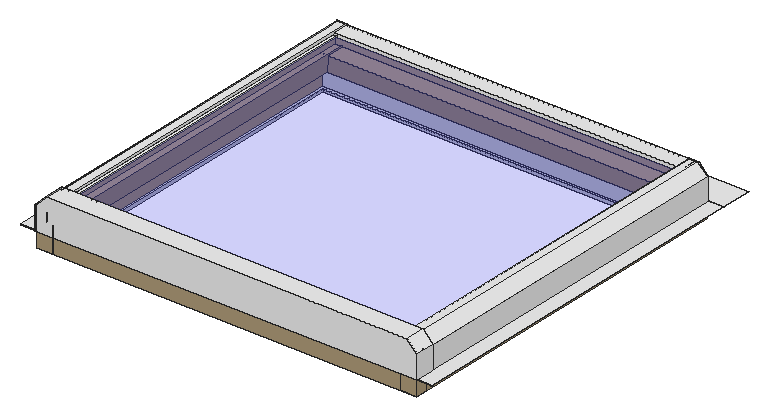
Revit family "Skylight_Fakro_FVE", category Generic Models, host Roof, Revit 2026
Family settings
  Host = Roof
  Can host rebar = No
  Round Connector Dimension = Use Diameter
  Part Type = Normal
  Classification Number = 23.30.30.14
  Always vertical = No
  Cut with Voids When Loaded = No
  Maintain Annotation Orientation = No
  Shared = No
  Room Calculation Point = No
Parameters (values of type "48x46")
  Warranty Duration (Years) = 0
  Upper Apron Length = Unit Width - 60 mm  # 1172 mm
  Unit Width = 1232 mm
  Unit Height = 1178 mm
  URL = "http://www.fakrousa.com/"
  Type Comments = ""
  Test Data = ""
  Specification = ""
  SpecWizard = ""
  Side Apron Length = Unit Height - 28 mm  # 1150 mm
  Sash Width = Unit Width - 82 mm  # 1150 mm
  Sash Length = Unit Height - 2 mm * 39.5  # 1099 mm
  Sales Information = "http://www.fakrousa.com/our-dealers/"
  Roof Angle [instance] = 45.00°
  Screen Height = Unit Height - 125.5 mm  # 1052.5 mm
  Screen Width = Unit Width - 104 mm  # 1128 mm
  Revision = "R1_2016-01"
  Product Properties = ""
  Product Data = "http://www.fakrousa.com/our-products/offer/skylights/fve/"
  Model = "FVE"
  Mechanism Height = 90 mm
  Manufacturer Website = "http://www.fakrousa.com/"
  Manufacturer Phone - Toll Free = ""
  Manufacturer Phone = "630-543-1010"
  Manufacturer Fax = "630-543-1011"
  Manufacturer Address = "\"39 W. Factory Rd., Addison, IL 60101\""
  Manufacturer = "Fakro USA"
  Maintenance Schedule (Months) = 0
  Keynote = "08 62 00"
  Installation-Fabrication = ""
  Installation Phase = ""
  Green Building-LEED = ""
  Expected Lifespan (Years) = 0
  Drawn By = ""
  Description = "Fakro FVE Skylight - 48x46"
  Default Elevation = 0 mm
  Cost = 0
  Copyright = "\"ï¿½ 2015 ARCAT, Inc.\""
  Construction Details = ""
  Building Codes = ""
  Blend Length = Unit Width - 104 mm  # 1128 mm
  Assembly Code = "B3020110"
Types (10, lengths in mm): name | Upper Apron Length | Unit Width | Unit Height | Side Apron Length | Sash Width | Sash Length | Screen Height | Screen Width | Description | Blend Length
  48x46 | 1172 | 1232 | 1178 | 1150 | 1150 | 1099 | 1052.5 | 1128 | "Fakro FVE Skylight - 48x46" | 1128
  48x27 | 1172 | 1232 | 699 | 671 | 1150 | 620 | 573.5 | 1128 | "Fakro FVE Skylight - 48x27" | 1128
  32x55 | 766 | 826 | 1397 | 1369 | 744 | 1318 | 1271.5 | 722 | "Fakro FVE Skylight - 32x55" | 722
  32x46 | 766 | 826 | 1178 | 1150 | 744 | 1099 | 1052.5 | 722 | "Fakro FVE Skylight - 32x46" | 722
  32x38 | 766 | 826 | 978 | 950 | 744 | 899 | 852.5 | 722 | "Fakro FVE Skylight - 32x38" | 722
  24x70 | 563 | 623 | 1797 | 1769 | 541 | 1718 | 1671.5 | 519 | "Fakro FVE Skylight - 24x70" | 519
  24x55 | 563 | 623 | 1397 | 1369 | 541 | 1318 | 1271.5 | 519 | "Fakro FVE Skylight - 24x55" | 519
  24x46 | 563 | 623 | 1178 | 1150 | 541 | 1099 | 1052.5 | 519 | "Fakro FVE Skylight - 24x46" | 519
  24x38 | 563 | 623 | 978 | 950 | 541 | 899 | 852.5 | 519 | "Fakro FVE Skylight - 24x38" | 519
  24x27 | 563 | 623 | 699 | 671 | 541 | 620 | 573.5 | 519 | "Fakro FVE Skylight - 24x27" | 519
Reference planes
  plane 1 "Środek (Przód/Tył)": y = 0
  plane 2 "Dach": z = 4000
  plane 3 "Środek (Lewa/Prawa)": x = 0
  plane 4: x = -616
  plane 5: x = 616
  plane 6: y = 589
  plane 7: y = -589
  plane 8: z = 4200
  plane 9: x = -45
  plane 10: x = 45
Forms (mm)
  Extrusion 1, void
    sketch origin (0, 0, 4000) x (1, 0, 0) y (0, 1, 0)
      loop
        line (-616, 589) -> (-616, -589) -> (616, -589) -> (616, 589) -> (-616, 589)
    from 200 to 300
  Extrusion 2, void
    sketch origin (0, 0, 0) x (0, 1, 0) y (0, 0, 1)
      loop
        line (789, 4000) -> (589, 4200) -> (-589, 4200) -> (-789, 4000) -> (789, 4000)
    from -616 to 616
  Sweep 3, solid, material "Sosna, zwyczajna"
    path origin (0, 0, 4000) x (1, 0, 0) y (0, 1, 0)
      loop
        line (-616, 589) -> (-616, -589)
    profile origin (-616, 0, 4000) x (1, 0, 0) y (0, 0, 1)
      loop
        line (33, 338) -> (33, 368.5) -> (24, 368.5) -> (0, 366.5) -> (0, 250.5) -> (52, 250.5) -> (52, 338) -> (33, 338)
  Sweep 4, solid, material "Sosna, zwyczajna"
    path origin (0, 0, 4000) x (-1, 0, 0) y (0, 1, 0)
      loop
        line (-616, 589) -> (-616, -589)
    profile origin (616, 0, 4000) x (1, 0, 0) y (0, 0, 1)
      loop
        line (-33, 338) -> (-52, 338) -> (-52, 250.5) -> (0, 250.5) -> (0, 366.5) -> (-24, 368.5) -> (-33, 368.5) -> (-33, 338)
  Sweep 5, solid, material "Sosna, zwyczajna"
    path origin (0, 0, 4000) x (1, 0, 0) y (0, 1, 0)
      loop
        line (-616, -589) -> (616, -589)
    profile origin (0, -589, 4000) x (0, 1, 0) y (0, 0, 1)
      loop
        line (0, 300) -> (0, 250.5) -> (39.5, 250.5) -> (39.5, 368.5) -> (28, 368.5) -> (28, 407.5) -> (0, 407.5) -> (0, 300)
  Sweep 6, solid, material "Sosna, zwyczajna"
    path origin (0, 0, 4000) x (1, 0, 0) y (0, 1, 0)
      loop
        line (-616, 589) -> (616, 589)
    profile origin (0, 589, 4000) x (0, 1, 0) y (0, 0, 1)
      loop
        line (0, 300) -> (0, 328) -> (-15.302, 328) -> (-15.302, 338) -> (-24.302, 338) -> (-39.5, 332) -> (-39.5, 250.5) -> (0, 250.5) -> (0, 300)
  Sweep 7, solid, material "Aluminium"
    path origin (0, 0, 4000) x (1, 0, 0) y (0, 1, 0)
      loop
        line (-583, 573.698) -> (583, 573.698)
    profile origin (0, 573.698, 4000) x (0, 1, 0) y (0, 0, 1)
      loop
        line (0, 328) -> (15.302, 328) -> (15.302, 300) -> (17.302, 300) -> (17.302, 330) -> (0, 330) -> (0, 328)
  Extrusion 8, void
    sketch origin (0, 0, 0) x (1, 0, 0) y (0, 0, 1)
      loop
        line (586, 4407.5) -> (616, 4377.5) -> (616, 4407.5) -> (586, 4407.5)
    from -846.219 to 1450.791
  Extrusion 9, void
    sketch origin (0, 0, 0) x (-1, 0, 0) y (0, 0, -1)
      loop
        line (586, -4407.5) -> (616, -4407.5) -> (616, -4377.5) -> (586, -4407.5)
    from -789.934 to 1489.069
  Extrusion 10, solid, material "Aluminium"
    sketch origin (0, 0, 4000) x (1, 0, 0) y (0, 1, 0)
      loop
        line (-618, 593) -> (-668, 593) -> (-668, -591) -> (-618, -591) -> (-618, 593)
    from 300 to 302
  Extrusion 11, solid, material "Aluminium"
    sketch origin (0, 0, 4000) x (-1, 0, 0) y (0, -1, 0)
      loop
        line (-618, -593) -> (-618, 591) -> (-668, 591) -> (-668, -593) -> (-618, -593)
    from 300 to 302
  Extrusion 12, solid, material "Aluminium"
    sketch origin (0, 0, 4000) x (1, 0, 0) y (0, 1, 0)
      loop
        line (-668, 593) -> (668, 593) -> (668, 693) -> (-668, 693) -> (-668, 593)
    from 300 to 302
Cuts and joins
  Extrusion 8, Extrusion 9 cuts Sweep 5
Lines and regions (mm)
  reference lines
    curve 1: line (0, 589, 4200) -> (0, 857.701, 3931.299)
    curve 2: line (0, -589, 4200) -> (0, -900.127, 3888.873)
    curve 3: line (0, -549.5, 4300) -> (0, 0, 4300)
Dimensions and locks
  equal spacing: host sketch curve, plane 3 "Środek (Lewa/Prawa)", host sketch curve
  equal spacing: host sketch curve, plane 1 "Środek (Przód/Tył)", host sketch curve
  equal spacing: plane 4, plane 3 "Środek (Lewa/Prawa)", plane 5
  "Unit Width": plane 4 to plane 5
  equal spacing: plane 6, plane 1 "Środek (Przód/Tył)", plane 7
  "Unit Height": plane 6 to plane 7
  locked: host roof to plane 8 at 100
  locked: host roof to Sweep 6 at 49.5
  equal spacing: plane 9, plane 3 "Środek (Lewa/Prawa)", plane 10
  "Mechanism Height": plane 9 to plane 10
  locked: Extrusion 8 sketch curve to Extrusion 8 sketch curve at 30  (x2)
  locked: Extrusion 9 sketch curve to Extrusion 9 sketch curve at 30  (x2)
  locked: Extrusion 10 to host roof at 2
  locked: host roof to Extrusion 11 at 2
  locked: Extrusion 10 sketch curve to Extrusion 10 sketch curve at 50
  locked: Extrusion 11 sketch curve to Extrusion 11 sketch curve at 50
  locked: Extrusion 12 sketch curve to Extrusion 12 sketch curve at 100
  locked: Extrusion 12 to host roof at 2
  "Roof Angle": angle plane 7 to curve 2
  "Roof Angle": angle plane 8 to curve 1
  aligned and locked: level to plane 2 "Dach"
  aligned and locked: plane 6 to curve 1
  aligned and locked: plane 8 to curve 1
  aligned and locked: plane 8 to curve 2
  aligned and locked: plane 7 to curve 2
  aligned and locked: Extrusion 1 sketch curve to plane 6
  aligned and locked: plane 4 to Extrusion 1 sketch curve
  aligned and locked: plane 7 to Extrusion 1 sketch curve
  aligned and locked: Extrusion 1 sketch curve to plane 5
  aligned and locked: Extrusion 1 to plane 8
  aligned and locked: host roof to Extrusion 1
  aligned and locked: host roof to Extrusion 2 sketch curve
  aligned and locked: Extrusion 2 sketch curve to plane 8
  aligned and locked: Extrusion 2 sketch curve to curve 1
  aligned and locked: Extrusion 2 sketch curve to curve 2
  aligned and locked: plane 5 to Extrusion 2
  aligned and locked: Extrusion 2 to plane 4
  aligned and locked: plane 4 to Sweep 3 sketch curve
  aligned and locked: plane 7 to Sweep 5 sketch curve
  aligned and locked: Sweep 5 sketch curve to Sweep 3  (x2)
  aligned and locked: Sweep 6 sketch curve to plane 6
  aligned and locked: plane 6 to Sweep 6 sketch curve
  aligned and locked: Sweep 6 sketch curve to Sweep 3
  aligned and locked: nested 1 to Sweep 5
  aligned and locked: nested 1 to host roof
  aligned and locked: plane 4 to nested 1
  aligned and locked: Sweep 3 to Sweep 6
  aligned and locked: Sweep 4 to Sweep 6
  aligned and locked: Sweep 6 to Sweep 5
  aligned and locked: Sweep 7 to host roof
  aligned and locked: host roof to nested 2
  aligned and locked: plane 5 to nested 2
  aligned and locked: nested 2 to Sweep 5
  aligned and locked: nested 3 to Sweep 6
  aligned and locked: nested 4 to Sweep 5
  aligned and locked: plane 5 to Extrusion 8 sketch curve
  aligned and locked: Extrusion 8 sketch curve to Sweep 5
  aligned and locked: cut or joined group of Sweep 5, Extrusion 8, Extrusion 9 to curve 3
  aligned and locked: host roof to curve 3
  aligned and locked: Extrusion 9 sketch curve to cut or joined group of Sweep 5, Extrusion 8, Extrusion 9
  aligned and locked: plane 4 to Extrusion 9 sketch curve
  aligned and locked: plane 1 "Środek (Przód/Tył)" to nested 5
  aligned and locked: nested 4 to host roof
  aligned and locked: nested 5 to nested 3
  aligned and locked: plane 3 "Środek (Lewa/Prawa)" to nested 5
  aligned and locked: nested 3 to nested 5  (x3)
  aligned and locked: Extrusion 10 to host roof
  aligned and locked: Extrusion 11 to host roof
  aligned and locked: Extrusion 11 to nested 2
  aligned and locked: Extrusion 10 to nested 1
  aligned and locked: Extrusion 12 sketch curve to Extrusion 10
  aligned and locked: Extrusion 11 to Extrusion 12 sketch curve
  aligned and locked: Extrusion 12 to host roof
  aligned and locked: plane 3 "Środek (Lewa/Prawa)" to nested 6
  aligned and locked: Sweep 6 to nested 6
  aligned and locked: nested 6 to Sweep 6
  aligned and locked: nested 7 to nested 6
  aligned and locked: Sweep 3 to nested 7
Automatic sketch dimensions
  Sweep 3 sketch curve to plane 4 = 0 mm
  Sweep 3 sketch curve to plane 7 = 0 mm
  Sweep 3 sketch curve to plane 6 = 0 mm
  Sweep 3 sketch curve to profile plane = 24 mm
  Sweep 3 sketch curve to Sweep 3 sketch curve = 9 mm
  Sweep 3 sketch curve to Sweep 3 sketch curve = 52 mm
  level to Sweep 3 sketch curve = 250.5 mm
  Sweep 3 sketch curve to Sweep 3 sketch curve = 87.5 mm
  Sweep 3 sketch curve to Sweep 3 sketch curve = 28.5 mm
  Sweep 3 sketch curve to Sweep 3 sketch curve = 30.5 mm
  Sweep 4 sketch curve to plane 5 = 0 mm
  Sweep 4 sketch curve to plane 7 = 0 mm
  Sweep 4 sketch curve to plane 6 = 0 mm
  profile plane to Sweep 4 sketch curve = 0 mm
  profile plane to Sweep 4 sketch curve = 24 mm
  Sweep 4 sketch curve to Sweep 4 sketch curve = 9 mm
  Sweep 4 sketch curve to Sweep 4 sketch curve = 52 mm
  level to Sweep 4 sketch curve = 250.5 mm
  Sweep 4 sketch curve to Sweep 4 sketch curve = 87.5 mm
  Sweep 4 sketch curve to Sweep 4 sketch curve = 28.5 mm
  Sweep 4 sketch curve to Sweep 4 sketch curve = 30.5 mm
  Sweep 5 sketch curve to plane 4 = 0 mm
  Sweep 5 sketch curve to plane 5 = 0 mm
  Sweep 5 sketch curve to plane 7 = 0 mm
  Sweep 5 sketch curve to profile plane = 28 mm
  Sweep 5 sketch curve to profile plane = 39.5 mm
  Sweep 5 sketch curve to Sweep 5 sketch curve = 49.5 mm
  Sweep 5 sketch curve to Sweep 5 sketch curve = 39 mm
  Sweep 6 sketch curve to plane 4 = 0 mm
  Sweep 6 sketch curve to plane 5 = 0 mm
  profile plane to Sweep 6 sketch curve = 15.302 mm
  Sweep 6 sketch curve to Sweep 6 sketch curve = 9 mm
  Sweep 6 sketch curve to Sweep 6 sketch curve = 15.198 mm
  Sweep 6 sketch curve to Sweep 6 sketch curve = 49.5 mm
  Sweep 6 sketch curve to Sweep 6 sketch curve = 28 mm
  Sweep 6 sketch curve to Sweep 6 sketch curve = 4 mm
  Sweep 6 sketch curve to Sweep 6 sketch curve = 10 mm
  Sweep 7 sketch curve to plane 6 = 15.302 mm
  plane 4 to Sweep 7 sketch curve = 33 mm
  Sweep 7 sketch curve to plane 5 = 33 mm
  Sweep 7 sketch curve to profile plane = 0 mm
  Sweep 7 sketch curve to profile plane = 15.302 mm
  Sweep 7 sketch curve to Sweep 7 sketch curve = 2 mm  (x2)
  level to Sweep 7 sketch curve = 300 mm
  Sweep 7 sketch curve to Sweep 7 sketch curve = 28 mm
  Extrusion 10 sketch curve to plane 4 = 2 mm
  Extrusion 10 sketch curve to plane 7 = 2 mm
  plane 6 to Extrusion 10 sketch curve = 4 mm
  Extrusion 11 sketch curve to plane 5 = 2 mm
  plane 7 to Extrusion 11 sketch curve = 2 mm
  Extrusion 11 sketch curve to plane 6 = 4 mm
  Extrusion 12 sketch curve to plane 4 = 52 mm
  curve 3 to plane 1 "Środek (Przód/Tył)" = 0 mm
  plane 7 to curve 3 = 39.5 mm
  plane 8 to curve 3 = 100 mm
Nested families
  nested 1: "side apron" at (-616, 159, 4300) x (0, 1, 0) z (0, 0, 1), type "side apron"
    with Side apron width 1150 mm
  nested 2: "side apron" at (616, 159, 4300) x (0, 1, 0) z (0, 0, 1), type "side apron"
    with Side apron width 1150 mm
  nested 3: "mechanism" at (0, 539.5, 4302), type "mechanism"
    with mechanism width 200 mm, Mechanism height 42 mm
  nested 4: "Hood" at (0, -589, 4300) x (-1, 0, 0) z (0, 0, 1), type "Hood"
    with Upper apron width 1172 mm
  nested 5: "Sash" at (0, 0, 4300), type "Sash"
    with width 1150 mm, Side apron lenght skrzydło 1140.5 mm, Mechanism width 200 mm, Lenght 1099 mm
  nested 6: "Blende" at (0, 549.5, 4250.5), type "Blende"
    with blende lenght 1128 mm
  nested 7: "Mosquito net" at (0, -57.5, 4250.5), type "Mosquito net"
    with dsa 56.4 mm, asd 52.625 mm, Moskitiera width 1128 mm, Moskitiera height 1052.5 mm
Definition of nested family "side apron"
  Parameters (values of type "side apron")
    Side apron width = 1440 mm
    Default Elevation = 0 mm
  Reference planes
    plane 1 "Środek (Przód/Tył)": y = 0
    plane 2: z = 0
    plane 3 "Środek (Lewa/Prawa)": x = 0
    plane 4: x = -720
    plane 5: x = 720
  Forms (mm)
    Sweep 1, solid
      path origin (0, 0, 0) x (1, 0, 0) y (0, 1, 0)
        loop
          line (-720, 0) -> (720, 0)
      profile origin (0, 0, 0) x (0, 1, 0) y (0, 0, 1)
        loop
          line (0, 0) -> (2, 0) -> (2, 70.5) -> (-31, 70.5) -> (-31, 88.5) -> (-33, 88.5) -> (-33, 68.5) -> (0, 68.5) -> (0, 0)
    Extrusion 2, solid
      sketch origin (0, 0, 0) x (0, 1, 0) y (0, 0, 1)
        loop
          line (-33, 70.5) -> (-33, 0) -> (2, 0) -> (2, 70.5) -> (-33, 70.5)
      from 720 to 722
  Cuts and joins
    joined: Sweep 1, Extrusion 2
  Dimensions and locks
    "Side apron width": plane 4 to plane 5
    locked: Extrusion 2 to plane 5 at 2
    aligned and locked: level to plane 2
    aligned and locked: Extrusion 2 sketch curve to Sweep 1  (x4)
    aligned and locked: Sweep 1 to Extrusion 2
  Automatic sketch dimensions
    plane 1 "Środek (Przód/Tył)" to Sweep 1 sketch curve = 0 mm
    Sweep 1 sketch curve to plane 4 = 0 mm
    Sweep 1 sketch curve to plane 5 = 0 mm
    Sweep 1 sketch curve to level = 0 mm
    Sweep 1 sketch curve to profile plane = 0 mm
    profile plane to Sweep 1 sketch curve = 31 mm
    Sweep 1 sketch curve to Sweep 1 sketch curve = 2 mm  (x2)
    Sweep 1 sketch curve to profile plane = 2 mm
    Sweep 1 sketch curve to Sweep 1 sketch curve = 68.5 mm
    Sweep 1 sketch curve to Sweep 1 sketch curve = 18 mm
Definition of nested family "mechanism"
  Parameters (values of type "mechanism")
    mechanism width = 90 mm
    mechanism lenght = 20 mm
    Mechanism height = 37.5 mm
    Default Elevation = 0 mm
  Reference planes
    plane 1 "Środek (Przód/Tył)": y = 0
    plane 2: z = 0
    plane 3 "Środek (Lewa/Prawa)": x = 0
    plane 4: x = -45
    plane 5: x = 45
    plane 6: y = 10
    plane 7: y = -10
    plane 8: z = 37.5
    plane 9: z = -15
  Forms (mm)
    Extrusion 1, solid
      sketch origin (0, 0, 0) x (1, 0, 0) y (0, 1, 0)
        loop
          line (-45, 10) -> (-45, -10) -> (45, -10) -> (45, 10) -> (-45, 10)
      from 0 to 37.5
    Sweep 2, solid
      path origin (0, 0, 0) x (0, 1, 0) y (0, 0, 1)
        loop
          line (-10, 0) -> (-10, -15)
      profile origin (0, -10, -7.5) x (1, 0, 0) y (0, 1, 0)
        loop
          circle (0, 10) r 10
        loop
          circle (0, 10) r 7
  Dimensions and locks
    equal spacing: plane 4, plane 3 "Środek (Lewa/Prawa)", plane 5
    equal spacing: plane 6, plane 1 "Środek (Przód/Tył)", plane 7
    "mechanism width": plane 4 to plane 5
    "mechanism lenght": plane 6 to plane 7
    "Mechanism height": plane 8 to level
    level to plane 9 = 15 mm
    aligned and locked: level to plane 2
    aligned and locked: Extrusion 1 sketch curve to plane 6
    aligned and locked: plane 4 to Extrusion 1 sketch curve
    aligned and locked: plane 7 to Extrusion 1 sketch curve
    aligned and locked: Extrusion 1 sketch curve to plane 5
    aligned and locked: Extrusion 1 to level
    aligned and locked: plane 8 to Extrusion 1
  Automatic sketch dimensions
    Sweep 2 sketch curve to plane 7 = 0 mm
    Sweep 2 sketch curve to plane 9 = 0 mm
    Sweep 2 sketch curve to level = 0 mm
    Sweep 2 sketch curve to plane 3 "Środek (Lewa/Prawa)" = 0 mm
    Sweep 2 sketch curve to profile plane = 10 mm
    radius of Sweep 2 sketch curve = 10 mm
Definition of nested family "Hood"
  Parameters (values of type "Rodzina5")
    Upper apron width = 1200 mm
    Default Elevation = 0 mm
  Reference planes
    plane 1 "Środek (Przód/Tył)": y = 0
    plane 2: z = 0
    plane 3 "Środek (Lewa/Prawa)": x = 0
    plane 4: x = -600
    plane 5: x = 600
  Forms (mm)
    Sweep 1, solid
      path origin (0, 0, 0) x (1, 0, 0) y (0, 1, 0)
        loop
          line (-600, 0) -> (600, 0)
      profile origin (0, 0, 0) x (0, 1, 0) y (0, 0, 1)
        loop
          line (0, 0) -> (2, 0) -> (2, 109.5) -> (-62.5, 109.5) -> (-62.5, 103.5) -> (-58.5, 103.5) -> (-58.5, 105.5) -> (-60.5, 105.5) -> (-60.5, 107.5) -> (0, 107.5) -> (0, 0)
    Extrusion 2, solid
      sketch origin (0, 0, 0) x (1, 0, 0) y (0, 0, 1)
        loop
          line (-600, 109.5) -> (-634, 75.5) -> (-634, 0) -> (-632, 0) -> (-632, 75.5) -> (-600, 107.5) -> (-600, 109.5)
      from -2 to 62.5
    Extrusion 3, solid
      sketch origin (0, 0, 0) x (1, 0, 0) y (0, 0, 1)
        loop
          line (-600, 107.5) -> (-632, 77.5) -> (-632, 0) -> (-600, 0) -> (-600, 107.5)
      from -2 to 0
    Extrusion 4, solid
      sketch origin (0, 0, 0) x (-1, 0, 0) y (0, 0, -1)
        loop
          line (-600, -109.5) -> (-600, -107.5) -> (-632, -75.5) -> (-632, 0) -> (-634, 0) -> (-634, -75.5) -> (-600, -109.5)
      from -2 to 62.5
    Extrusion 5, solid
      sketch origin (0, 0, 0) x (-1, 0, 0) y (0, 0, -1)
        loop
          line (-600, -107.5) -> (-600, 0) -> (-632, 0) -> (-632, -77.5) -> (-600, -107.5)
      from -2 to 0
  Cuts and joins
    joined: Sweep 1, Extrusion 2, Extrusion 3, Extrusion 4, Extrusion 5
  Dimensions and locks
    equal spacing: plane 4, plane 3 "Środek (Lewa/Prawa)", plane 5
    "Upper apron width": plane 4 to plane 5
    aligned and locked: level to plane 2
    aligned and locked: Sweep 1 to Extrusion 2
    aligned and locked: Extrusion 2 to Sweep 1
    aligned and locked: Extrusion 3 to Sweep 1
    aligned and locked: Extrusion 3 sketch curve to plane 4
    aligned and locked: level to Extrusion 3 sketch curve
    aligned and locked: Extrusion 4 sketch curve to plane 5
    aligned and locked: plane 5 to Extrusion 5 sketch curve
    aligned and locked: level to Extrusion 5 sketch curve
    aligned and locked: Extrusion 3 sketch curve to cut or joined group of Sweep 1, Extrusion 2, Extrusion 3, Extrusion 4, Extrusion 5
    aligned and locked: Extrusion 5 sketch curve to cut or joined group of Sweep 1, Extrusion 2, Extrusion 3, Extrusion 4, Extrusion 5
    aligned and locked: cut or joined group of Sweep 1, Extrusion 2, Extrusion 3, Extrusion 4, Extrusion 5 to cut or joined group of Sweep 1, Extrusion 2, Extrusion 3, Extrusion 4, Extrusion 5
  Automatic sketch dimensions
    plane 1 "Środek (Przód/Tył)" to Sweep 1 sketch curve = 0 mm
    Sweep 1 sketch curve to plane 4 = 0 mm
    Sweep 1 sketch curve to plane 5 = 0 mm
    Sweep 1 sketch curve to profile plane = 0 mm
    Sweep 1 sketch curve to level = 0 mm
    profile plane to Sweep 1 sketch curve = 58.5 mm
    Sweep 1 sketch curve to Sweep 1 sketch curve = 2 mm  (x5)
    Sweep 1 sketch curve to profile plane = 2 mm
    level to Sweep 1 sketch curve = 103.5 mm
    Extrusion 2 sketch curve to level = 0 mm
    Extrusion 2 sketch curve to plane 4 = 0 mm
    Extrusion 2 sketch curve to plane 4 = 32 mm
    Extrusion 2 sketch curve to Extrusion 2 sketch curve = 2 mm  (x2)
    level to Extrusion 2 sketch curve = 75.5 mm
    Extrusion 2 sketch curve to Extrusion 2 sketch curve = 0 mm
    Extrusion 2 sketch curve to Extrusion 2 sketch curve = 32 mm
    Extrusion 4 sketch curve to level = 0 mm
    Extrusion 4 sketch curve to plane 5 = 32 mm
    Extrusion 4 sketch curve to Extrusion 4 sketch curve = 2 mm  (x2)
    Extrusion 4 sketch curve to Extrusion 4 sketch curve = 75.5 mm
    Extrusion 4 sketch curve to Extrusion 4 sketch curve = 0 mm
    Extrusion 4 sketch curve to Extrusion 4 sketch curve = 32 mm
    Extrusion 5 sketch curve to Extrusion 5 sketch curve = 77.5 mm
    Extrusion 5 sketch curve to Extrusion 5 sketch curve = 30 mm
    level to Extrusion 3 sketch curve = 77.5 mm
    Extrusion 3 sketch curve to Extrusion 3 sketch curve = 30 mm
Definition of nested family "Sash"
  Parameters (values of type "skrzydło")
    width = 760 mm
    Side apron lenght skrzydło = Lenght + 41.5 mm  # 1241.5 mm
    Mechanism width = 90 mm
    Lenght = 1200 mm
    Default Elevation = 1219.2 mm
  Reference planes
    plane 1 "Środek (Przód/Tył)": y = 0
    plane 2: z = 0
    plane 3 "Środek (Lewa/Prawa)": x = 0
    plane 4: x = -380
    plane 5: x = 380
    plane 6: y = 600
    plane 7: y = -600
    plane 8: z = 6.5
    plane 9: x = -45
    plane 10: x = 45
  Forms (mm)
    Extrusion 1, solid
      sketch origin (0, 0, 0) x (1, 0, 0) y (0, 1, 0)
        loop
          line (-1219.2, 1219.2) -> (-1219.2, -1219.2) -> (1219.2, -1219.2) -> (1219.2, 1219.2) -> (-1219.2, 1219.2)
      from 0 to -304.8
    Sweep 2, solid
      path origin (0, 0, 0) x (1, 0, 0) y (0, 1, 0)
        loop
          line (-380, 600) -> (-380, -600)
      profile origin (-380, 0, 0) x (1, 0, 0) y (0, 0, 1)
        loop
          line (0, 43.5) -> (12.5, 43.5) -> (12.5, 6.5) -> (27.5, 6.5) -> (39.627, 64.5) -> (15.5, 64.5) -> (15.5, 92.5) -> (0, 92.5) -> (0, 43.5)
    Sweep 3, solid
      path origin (0, 0, 0) x (-1, 0, 0) y (0, 1, 0)
        loop
          line (-380, 600) -> (-380, -600)
      profile origin (380, 0, 0) x (1, 0, 0) y (0, 0, 1)
        loop
          line (0, 43.5) -> (0, 92.5) -> (-15.5, 92.5) -> (-15.5, 64.5) -> (-39.627, 64.5) -> (-27.5, 6.5) -> (-12.5, 6.5) -> (-12.5, 43.5) -> (0, 43.5)
    Sweep 4, solid
      path origin (0, 0, 0) x (1, 0, 0) y (0, 1, 0)
        loop
          line (-380, -600) -> (380, -600)
      profile origin (0, -600, 0) x (0, 1, 0) y (0, 0, 1)
        loop
          line (0, 6.5) -> (29, 6.5) -> (41.5, 64.5) -> (17, 64.5) -> (17, 92.5) -> (0, 92.5) -> (0, 6.5)
    Sweep 5, solid
      path origin (0, 0, 0) x (1, 0, 0) y (0, 1, 0)
        loop
          line (-380, 600) -> (380, 600)
      profile origin (0, 600, 0) x (0, 1, 0) y (0, 0, 1)
        loop
          line (0, 64.5) -> (-59, 64.5) -> (-46.533, 6.5) -> (-20, 6.5) -> (-20, 44) -> (14, 44) -> (14, 64.5) -> (14, 100.5) -> (-5, 100.5) -> (-5, 97.5) -> (0, 97.5) -> (0, 64.5)
    Sweep 6, solid
      path origin (0, 20, 0) x (1, 0, 0) y (0, 1, 0)
        loop
          line (-45, 600) -> (-380, 600)
      profile origin (-212.5, 620, 0) x (0, -1, 0) y (0, 0, 1)
        loop
          line (40, 6.5) -> (40, 48.5) -> (20, 48.5) -> (20, 6.5) -> (40, 6.5)
    Sweep 7, solid
      path origin (0, 20, 0) x (-1, 0, 0) y (0, 1, 0)
        loop
          line (-45, 600) -> (-380, 600)
      profile origin (212.5, 620, 0) x (0, 1, 0) y (0, 0, 1)
        loop
          line (-40, 6.5) -> (-20, 6.5) -> (-20, 48.5) -> (-40, 48.5) -> (-40, 6.5)
    Extrusion 8, solid
      sketch origin (0, 0, 0) x (1, 0, 0) y (0, 1, 0)
        loop
          line (-364.5, 600) -> (-364.5, -583) -> (364.5, -583) -> (364.5, 600) -> (-364.5, 600)
      from 64.5 to 89.5
    Sweep 9, solid
      path origin (0, 0, 0) x (1, 0, 0) y (0, 1, 0)
        loop
          line (-380, 629) -> (-380, -583)
      profile origin (-380, 23, 0) x (1, 0, 0) y (0, 0, 1)
        loop
          line (0, 92.5) -> (15.5, 92.5) -> (25.313, 89.5) -> (25.751, 90.934) -> (15.724, 94) -> (15.724, 96.488) -> (18.259, 96.488) -> (18.259, 97.5) -> (14.724, 97.5) -> (14.724, 94) -> (1.5, 94) -> (1.5, 97.5) -> (0, 97.5) -> (0, 92.5)
    Sweep 10, solid
      path origin (0, 0, 0) x (-1, 0, 0) y (0, 1, 0)
        loop
          line (-380, 629) -> (-380, -583)
      profile origin (380, 23, 0) x (1, 0, 0) y (0, 0, 1)
        loop
          line (0, 92.5) -> (0, 97.5) -> (-1.5, 97.5) -> (-1.5, 94) -> (-14.724, 94) -> (-14.724, 97.5) -> (-18.259, 97.5) -> (-18.259, 96.488) -> (-15.724, 96.488) -> (-15.724, 94) -> (-25.751, 90.934) -> (-25.313, 89.5) -> (-15.5, 92.5) -> (0, 92.5)
    Sweep 11, solid
      path origin (0, 0, 0) x (1, 0, 0) y (0, 1, 0)
        loop
          line (-364.5, -600) -> (364.5, -600)
      profile origin (0, -600, 0) x (0, 1, 0) y (0, 0, 1)
        loop
          line (0, 92.5) -> (17, 92.5) -> (26.813, 89.5) -> (27.251, 90.934) -> (17, 94.069) -> (17, 96.488) -> (19.535, 96.488) -> (19.535, 97.5) -> (17, 97.5) -> (17, 105.5) -> (21, 105.5) -> (21, 106.5) -> (16, 106.5) -> (16, 94) -> (1.5, 94) -> (1.5, 97.5) -> (0, 97.5) -> (0, 92.5)
    Sweep 12, solid
      path origin (0, 0, 0) x (1, 0, 0) y (0, 1, 0)
        loop
          line (-380, 600) -> (380, 600)
      profile origin (0, 600, 0) x (0, 1, 0) y (0, 0, 1)
        loop
          line (-5, 100.5) -> (39, 100.5) -> (39, 30) -> (41.5, 30) -> (41.5, 102.5) -> (-7, 102.5) -> (-7, 89.5) -> (-5, 89.5) -> (-5, 100.5)
  Dimensions and locks
    equal spacing: plane 4, plane 3 "Środek (Lewa/Prawa)", plane 5
    "width": plane 4 to plane 5
    equal spacing: plane 6, plane 1 "Środek (Przód/Tył)", plane 7
    "Lenght": plane 6 to plane 7
    locked: plane 8 to level at 6.5
    equal spacing: plane 9, plane 3 "Środek (Lewa/Prawa)", plane 10
    "Mechanism width": plane 9 to plane 10
    aligned and locked: plane 2 to Extrusion 1
    aligned and locked: level to Extrusion 1
    aligned and locked: Sweep 2 sketch curve to plane 8
    aligned and locked: Sweep 2 sketch curve to profile plane
    aligned and locked: Sweep 3 sketch curve to profile plane
    aligned and locked: plane 8 to Sweep 3 sketch curve
    aligned and locked: Sweep 5 to Extrusion 8
    aligned and locked: Sweep 2 to Extrusion 8 sketch curve
    aligned and locked: Sweep 5 to Extrusion 8 sketch curve
    aligned and locked: Extrusion 8 sketch curve to Sweep 3
    aligned and locked: Sweep 4 to Extrusion 8 sketch curve
    aligned and locked: nested 1 to Sweep 9
    aligned and locked: nested 2 to Sweep 10
    aligned and locked: nested 1 to Sweep 4
    aligned and locked: nested 2 to Sweep 4
    aligned and locked: Sweep 2 to Sweep 5 sketch curve
    aligned and locked: Sweep 6 sketch curve to plane 8
    aligned and locked: Sweep 7 sketch curve to plane 8
  Automatic sketch dimensions
    Extrusion 1 sketch curve to Extrusion 1 sketch curve = 2438.4 mm  (x2)
    Sweep 2 sketch curve to plane 4 = 0 mm
    Sweep 2 sketch curve to plane 7 = 0 mm
    Sweep 2 sketch curve to plane 6 = 0 mm
    Sweep 2 sketch curve to profile plane = 12.5 mm
    Sweep 2 sketch curve to profile plane = 15.5 mm
    Sweep 2 sketch curve to Sweep 2 sketch curve = 15 mm
    Sweep 2 sketch curve to Sweep 2 sketch curve = 24.127 mm
    Sweep 2 sketch curve to Sweep 2 sketch curve = 37 mm
    Sweep 2 sketch curve to Sweep 2 sketch curve = 21 mm
    Sweep 2 sketch curve to Sweep 2 sketch curve = 28 mm
    Sweep 3 sketch curve to plane 5 = 0 mm
    Sweep 3 sketch curve to plane 7 = 0 mm
    Sweep 3 sketch curve to plane 6 = 0 mm
    profile plane to Sweep 3 sketch curve = 12.5 mm
    profile plane to Sweep 3 sketch curve = 15.5 mm
    Sweep 3 sketch curve to Sweep 3 sketch curve = 15 mm
    Sweep 3 sketch curve to Sweep 3 sketch curve = 24.127 mm
    Sweep 3 sketch curve to Sweep 3 sketch curve = 37 mm
    Sweep 3 sketch curve to Sweep 3 sketch curve = 21 mm
    Sweep 3 sketch curve to Sweep 3 sketch curve = 28 mm
    Sweep 4 sketch curve to plane 4 = 0 mm
    Sweep 4 sketch curve to plane 5 = 0 mm
    Sweep 4 sketch curve to plane 7 = 0 mm
    Sweep 4 sketch curve to profile plane = 0 mm
    Sweep 4 sketch curve to profile plane = 17 mm
    level to Sweep 4 sketch curve = 6.5 mm
    Sweep 4 sketch curve to Sweep 4 sketch curve = 29 mm
    Sweep 4 sketch curve to Sweep 4 sketch curve = 24.5 mm
    Sweep 4 sketch curve to Sweep 4 sketch curve = 58 mm
    Sweep 4 sketch curve to Sweep 4 sketch curve = 28 mm
    Sweep 5 sketch curve to plane 4 = 0 mm
    Sweep 5 sketch curve to plane 5 = 0 mm
    Sweep 5 sketch curve to plane 6 = 0 mm
    Sweep 5 sketch curve to profile plane = 14 mm
    Sweep 5 sketch curve to profile plane = 0 mm
    Sweep 5 sketch curve to Sweep 5 sketch curve = 5 mm
    profile plane to Sweep 5 sketch curve = 20 mm
    Sweep 5 sketch curve to Sweep 5 sketch curve = 26.533 mm
    Sweep 5 sketch curve to Sweep 5 sketch curve = 39 mm
    Sweep 5 sketch curve to Sweep 5 sketch curve = 37.5 mm
    Sweep 5 sketch curve to Sweep 5 sketch curve = 20.5 mm
    Sweep 5 sketch curve to Sweep 5 sketch curve = 0 mm
    Sweep 5 sketch curve to Sweep 5 sketch curve = 33 mm
    Sweep 5 sketch curve to Sweep 5 sketch curve = 3 mm
    Sweep 6 sketch curve to plane 4 = 0 mm
    plane 6 to Sweep 6 sketch curve = 20 mm
    Sweep 6 sketch curve to plane 9 = 0 mm
    Sweep 6 sketch curve to profile plane = 20 mm
    Sweep 6 sketch curve to Sweep 6 sketch curve = 20 mm
    Sweep 6 sketch curve to Sweep 6 sketch curve = 42 mm
    Sweep 7 sketch curve to plane 5 = 0 mm
    Sweep 7 sketch curve to plane 6 = 20 mm
    Sweep 7 sketch curve to plane 10 = 0 mm
    profile plane to Sweep 7 sketch curve = 40 mm
    Sweep 7 sketch curve to Sweep 7 sketch curve = 20 mm
    Sweep 7 sketch curve to Sweep 7 sketch curve = 42 mm
    Sweep 9 sketch curve to plane 4 = 0 mm
    plane 7 to Sweep 9 sketch curve = 17 mm
    plane 6 to Sweep 9 sketch curve = 29 mm
    profile plane to Sweep 9 sketch curve = 0 mm
    Sweep 9 sketch curve to profile plane = 1.5 mm
    Sweep 9 sketch curve to Sweep 9 sketch curve = 13.224 mm
    Sweep 9 sketch curve to Sweep 9 sketch curve = 0.776 mm
    Sweep 9 sketch curve to Sweep 9 sketch curve = 1 mm
    Sweep 9 sketch curve to Sweep 9 sketch curve = 2.535 mm
    Sweep 9 sketch curve to Sweep 9 sketch curve = 7.053 mm
    Sweep 9 sketch curve to Sweep 9 sketch curve = 0.439 mm
    level to Sweep 9 sketch curve = 89.5 mm
    Sweep 9 sketch curve to Sweep 9 sketch curve = 1.434 mm
    Sweep 9 sketch curve to Sweep 9 sketch curve = 1.5 mm
    Sweep 9 sketch curve to Sweep 9 sketch curve = 2.488 mm
    Sweep 9 sketch curve to Sweep 9 sketch curve = 3.5 mm
    Sweep 9 sketch curve to Sweep 9 sketch curve = 1.012 mm
    Sweep 10 sketch curve to plane 5 = 0 mm
    Sweep 10 sketch curve to plane 7 = 17 mm
    Sweep 10 sketch curve to plane 6 = 29 mm
    profile plane to Sweep 10 sketch curve = 0 mm
    profile plane to Sweep 10 sketch curve = 1.5 mm
    Sweep 10 sketch curve to Sweep 10 sketch curve = 13.224 mm
    Sweep 10 sketch curve to Sweep 10 sketch curve = 0.776 mm
    Sweep 10 sketch curve to Sweep 10 sketch curve = 1 mm
    Sweep 10 sketch curve to Sweep 10 sketch curve = 2.535 mm
    Sweep 10 sketch curve to Sweep 10 sketch curve = 7.053 mm
    Sweep 10 sketch curve to Sweep 10 sketch curve = 0.439 mm
    level to Sweep 10 sketch curve = 89.5 mm
    Sweep 10 sketch curve to Sweep 10 sketch curve = 1.434 mm
    Sweep 10 sketch curve to Sweep 10 sketch curve = 1.5 mm
    Sweep 10 sketch curve to Sweep 10 sketch curve = 2.488 mm
    Sweep 10 sketch curve to Sweep 10 sketch curve = 3.5 mm
    Sweep 10 sketch curve to Sweep 10 sketch curve = 1.012 mm
    plane 4 to Sweep 11 sketch curve = 15.5 mm
    Sweep 11 sketch curve to plane 5 = 15.5 mm
    Sweep 11 sketch curve to plane 7 = 0 mm
    Sweep 11 sketch curve to profile plane = 0 mm
    Sweep 11 sketch curve to profile plane = 1.5 mm
    Sweep 11 sketch curve to profile plane = 16 mm
    Sweep 11 sketch curve to Sweep 11 sketch curve = 0 mm  (x2)
    Sweep 11 sketch curve to Sweep 11 sketch curve = 2.535 mm
    Sweep 11 sketch curve to Sweep 11 sketch curve = 4 mm
    Sweep 11 sketch curve to Sweep 11 sketch curve = 7.277 mm
    Sweep 11 sketch curve to Sweep 11 sketch curve = 0.439 mm
    level to Sweep 11 sketch curve = 89.5 mm
    Sweep 11 sketch curve to Sweep 11 sketch curve = 1.434 mm
    Sweep 11 sketch curve to Sweep 11 sketch curve = 1.5 mm
    Sweep 11 sketch curve to Sweep 11 sketch curve = 2.42 mm
    Sweep 11 sketch curve to Sweep 11 sketch curve = 3.5 mm
    Sweep 11 sketch curve to Sweep 11 sketch curve = 1.012 mm
    Sweep 11 sketch curve to Sweep 11 sketch curve = 8 mm
    Sweep 11 sketch curve to Sweep 11 sketch curve = 1 mm  (x2)
    Sweep 12 sketch curve to plane 4 = 0 mm
    Sweep 12 sketch curve to plane 5 = 0 mm
    Sweep 12 sketch curve to plane 6 = 0 mm
    profile plane to Sweep 12 sketch curve = 7 mm
    Sweep 12 sketch curve to profile plane = 39 mm
    Sweep 12 sketch curve to Sweep 12 sketch curve = 2.5 mm
    level to Sweep 12 sketch curve = 30 mm
    Sweep 12 sketch curve to Sweep 12 sketch curve = 59.5 mm
    Sweep 12 sketch curve to Sweep 12 sketch curve = 11 mm
    Sweep 12 sketch curve to Sweep 12 sketch curve = 2 mm  (x2)
  Nested families
    nested 1: "Rodzina7" at (-360.741, 680, 101.488) x (0, 1, 0) z (0, 0, 1), type "Rodzina7"
      with Side apron skrzydło 1241.5 mm
    nested 2: "Rodzina7" at (360.741, 680, 101.488) x (0, 1, 0) z (0, 0, 1), type "Rodzina7"
      with Side apron skrzydło 1241.5 mm
  Definition of nested family "Rodzina7"
    Parameters (values of type "Rodzina7")
      Side apron skrzydło = 1200 mm
      Default Elevation = 0 mm
    Reference planes
      plane 1 "Środek (Przód/Tył)": y = 0
      plane 2: z = 0
      plane 3 "Środek (Lewa/Prawa)": x = 0
      plane 4: x = -1280
      plane 5: x = -80
    Forms (mm)
      Sweep 1, solid
        path origin (0, 0, 0) x (1, 0, 0) y (0, 1, 0)
          loop
            line (-1280, 0) -> (-80, 0)
        profile origin (-680, 0, 0) x (0, 1, 0) y (0, 0, 1)
          loop
            line (1, 0) -> (29.8, 0) -> (62.214, -32.414) -> (62.214, -29.586) -> (30.628, 2) -> (0, 2) -> (0, -6) -> (3.5, -6) -> (3.5, -5) -> (1, -5) -> (1, 0)
      Extrusion 2, solid
        sketch origin (0, 0, 0) x (0, 1, 0) y (0, 0, 1)
          loop
            line (0, 2) -> (0, -101.486) -> (62.214, -101.486) -> (62.214, -29.586) -> (30.628, 2) -> (0, 2)
        from -80 to -78
    Dimensions and locks
      "Side apron skrzydło": plane 4 to plane 5
      locked: Extrusion 2 to plane 5 at 2
      aligned and locked: level to plane 2
      aligned and locked: Extrusion 2 to Sweep 1
    Automatic sketch dimensions
      plane 1 "Środek (Przód/Tył)" to Sweep 1 sketch curve = 0 mm
      Sweep 1 sketch curve to plane 4 = 0 mm
      Sweep 1 sketch curve to plane 5 = 0 mm
      Extrusion 2 sketch curve to plane 1 "Środek (Przód/Tył)" = 0 mm
      level to Extrusion 2 sketch curve = 2 mm
      Extrusion 2 sketch curve to Extrusion 2 sketch curve = 30.628 mm
      Extrusion 2 sketch curve to plane 1 "Środek (Przód/Tył)" = 62.214 mm
      Extrusion 2 sketch curve to level = 29.586 mm
      Extrusion 2 sketch curve to Extrusion 2 sketch curve = 71.9 mm
      Sweep 1 sketch curve to profile plane = 0 mm
      Sweep 1 sketch curve to level = 0 mm
      Sweep 1 sketch curve to profile plane = 1 mm
      Sweep 1 sketch curve to Sweep 1 sketch curve = 2.5 mm
      Sweep 1 sketch curve to Sweep 1 sketch curve = 26.3 mm
      Sweep 1 sketch curve to Sweep 1 sketch curve = 0.828 mm
      Sweep 1 sketch curve to level = 29.586 mm
      Sweep 1 sketch curve to Sweep 1 sketch curve = 32.414 mm
      Sweep 1 sketch curve to level = 6 mm
      Sweep 1 sketch curve to Sweep 1 sketch curve = 1 mm
      level to Sweep 1 sketch curve = 2 mm
      Sweep 1 sketch curve to level = 32.414 mm
Definition of nested family "Blende"
  Parameters (values of type "Blende")
    blende lenght = 1680 mm
    Default Elevation = 0 mm
  Reference planes
    plane 1 "Środek (Przód/Tył)": y = 0
    plane 2: z = 0
    plane 3 "Środek (Lewa/Prawa)": x = 0
    plane 4: x = 840
    plane 5: x = -840
    plane 6: y = -46.5
    plane 7: z = 56
  Forms (mm)
    Extrusion 1, solid
      sketch origin (0, 0, 0) x (0, 1, 0) y (0, 0, 1)
        loop
          line (0, 56) -> (-46.5, 56) -> (-46.5, 0) -> (0, 0) -> (0, 56)
      from -840 to 840
  Dimensions and locks
    equal spacing: plane 5, plane 3 "Środek (Lewa/Prawa)", plane 4
    "blende lenght": plane 5 to plane 4
    plane 1 "Środek (Przód/Tył)" to plane 6 = 46.5 mm
    plane 7 to level = 56 mm
    aligned and locked: level to plane 2
    aligned and locked: plane 7 to Extrusion 1 sketch curve
    aligned and locked: Extrusion 1 sketch curve to plane 1 "Środek (Przód/Tył)"
    aligned and locked: Extrusion 1 sketch curve to level
    aligned and locked: plane 6 to Extrusion 1 sketch curve
    aligned and locked: Extrusion 1 to plane 5
    aligned and locked: plane 4 to Extrusion 1
Definition of nested family "Mosquito net"
  Parameters (values of type "Mosquito net")
    dsa = Moskitiera width / 20  # 39.8 mm
    asd = Moskitiera height / 20  # 56.05 mm
    Moskitiera width = 796 mm
    Moskitiera height = 1121 mm
    Default Elevation = 0 mm
  Reference planes
    plane 1 "Środek (Przód/Tył)": y = 0
    plane 2: z = 0
    plane 3 "Środek (Lewa/Prawa)": x = 0
    plane 4: x = -398
    plane 5: x = 398
    plane 6: y = 560.5
    plane 7: y = -560.5
    plane 8: z = 10
  Forms (mm)
    Extrusion 1, solid
      sketch origin (0, 0, 0) x (1, 0, 0) y (0, 1, 0)
        loop
          line (-398, 560.5) -> (-398, -560.5) -> (398, -560.5) -> (398, 560.5) -> (-398, 560.5)
        loop
          line (-388, 550.5) -> (-388, -550.5) -> (388, -550.5) -> (388, 550.5) -> (-388, 550.5)
      from 0 to 10
  Lines and regions (mm)
    model lines
      curve 1: line (-388, 494.45, 0) -> (388, 494.45, 0)
      curve 2: line (-388, 438.4, 0) -> (388, 438.4, 0)
      curve 3: line (-388, 326.3, 0) -> (388, 326.3, 0)
      curve 4: line (-388, 382.35, 0) -> (388, 382.35, 0)
      curve 5: line (-388, 270.25, 0) -> (388, 270.25, 0)
      curve 6: line (-388, 214.2, 0) -> (388, 214.2, 0)
      curve 7: line (-388, 102.1, 0) -> (388, 102.1, 0)
      curve 8: line (-388, 158.15, 0) -> (388, 158.15, 0)
      curve 9: line (-388, 46.05, 0) -> (388, 46.05, 0)
      curve 10: line (-388, -10, 0) -> (388, -10, 0)
      curve 11: line (-388, -122.1, 0) -> (388, -122.1, 0)
      curve 12: line (-388, -66.05, 0) -> (388, -66.05, 0)
      curve 13: line (-388, -178.15, 0) -> (388, -178.15, 0)
      curve 14: line (-388, -234.2, 0) -> (388, -234.2, 0)
      curve 15: line (-388, -346.3, 0) -> (388, -346.3, 0)
      curve 16: line (-388, -290.25, 0) -> (388, -290.25, 0)
      curve 17: line (-388, -402.35, 0) -> (388, -402.35, 0)
      curve 18: line (-388, -514.45, 0) -> (388, -514.45, 0)
      curve 19: line (-388, -458.4, 0) -> (388, -458.4, 0)
      curve 20: line (-348.2, 550.5, 0) -> (-348.2, -550.5, 0)
      curve 21: line (-308.4, 550.5, 0) -> (-308.4, -550.5, 0)
      curve 22: line (-268.6, 550.5, 0) -> (-268.6, -550.5, 0)
      curve 23: line (-228.8, 550.5, 0) -> (-228.8, -550.5, 0)
      curve 24: line (-189, 550.5, 0) -> (-189, -550.5, 0)
      curve 25: line (-149.2, 550.5, 0) -> (-149.2, -550.5, 0)
      curve 26: line (-109.4, 550.5, 0) -> (-109.4, -550.5, 0)
      curve 27: line (-69.6, 550.5, 0) -> (-69.6, -550.5, 0)
      curve 28: line (-29.8, 550.5, 0) -> (-29.8, -550.5, 0)
      curve 29: line (10, 550.5, 0) -> (10, -550.5, 0)
      curve 30: line (49.8, 550.5, 0) -> (49.8, -550.5, 0)
      curve 31: line (89.6, 550.5, 0) -> (89.6, -550.5, 0)
      curve 32: line (129.4, 550.5, 0) -> (129.4, -550.5, 0)
      curve 33: line (169.2, 550.5, 0) -> (169.2, -550.5, 0)
      curve 34: line (209, 550.5, 0) -> (209, -550.5, 0)
      curve 35: line (248.8, 550.5, 0) -> (248.8, -550.5, 0)
      curve 36: line (288.6, 550.5, 0) -> (288.6, -550.5, 0)
      curve 37: line (328.4, 550.5, 0) -> (328.4, -550.5, 0)
      curve 38: line (368.2, 550.5, 0) -> (368.2, -550.5, 0)
  Dimensions and locks
    equal spacing: plane 4, plane 3 "Środek (Lewa/Prawa)", plane 5
    "Moskitiera width": plane 4 to plane 5
    "Moskitiera height": plane 6 to plane 7
    plane 8 to level = 10 mm
    "asd": curve 1 to Extrusion 1
    "asd": curve 2 to curve 1
    "asd": curve 4 to curve 2
    "asd": curve 3 to curve 4
    "asd": curve 5 to curve 3
    "asd": curve 6 to curve 5
    "asd": curve 8 to curve 6
    "asd": curve 7 to curve 8
    "asd": curve 9 to curve 7
    "asd": curve 10 to curve 9
    "asd": curve 12 to curve 10
    "asd": curve 11 to curve 12
    "asd": curve 13 to curve 11
    "asd": curve 14 to curve 13
    "asd": curve 16 to curve 14
    "asd": curve 15 to curve 16
    "asd": curve 17 to curve 15
    "asd": curve 19 to curve 17
    "asd": curve 18 to curve 19
    "dsa": Extrusion 1 to curve 20
    "dsa": curve 20 to curve 21
    "dsa": curve 21 to curve 22
    "dsa": curve 22 to curve 23
    "dsa": curve 23 to curve 24
    "dsa": curve 24 to curve 25
    "dsa": curve 25 to curve 26
    "dsa": curve 26 to curve 27
    "dsa": curve 27 to curve 28
    "dsa": curve 28 to curve 29
    "dsa": curve 29 to curve 30
    "dsa": curve 30 to curve 31
    "dsa": curve 31 to curve 32
    "dsa": curve 32 to curve 33
    "dsa": curve 33 to curve 34
    "dsa": curve 34 to curve 35
    "dsa": curve 35 to curve 36
    "dsa": curve 36 to curve 37
    "dsa": curve 37 to curve 38
    aligned and locked: level to plane 2
    aligned and locked: Extrusion 1 sketch curve to plane 6
    aligned and locked: plane 4 to Extrusion 1 sketch curve
    aligned and locked: plane 7 to Extrusion 1 sketch curve
    aligned and locked: Extrusion 1 sketch curve to plane 5
    aligned and locked: plane 8 to Extrusion 1
    aligned and locked: Extrusion 1 to level
  Automatic sketch dimensions
    plane 4 to Extrusion 1 sketch curve = 10 mm
    Extrusion 1 sketch curve to plane 5 = 10 mm
    plane 7 to Extrusion 1 sketch curve = 10 mm
    Extrusion 1 sketch curve to plane 6 = 10 mm
    plane 4 to curve 11 = 10 mm
    plane 4 to curve 13 = 10 mm
    plane 4 to curve 9 = 10 mm
    plane 4 to curve 14 = 10 mm
    plane 4 to curve 8 = 10 mm
    plane 4 to curve 15 = 10 mm
    plane 4 to curve 7 = 10 mm
    plane 4 to curve 16 = 10 mm
    plane 4 to curve 6 = 10 mm
    plane 4 to curve 17 = 10 mm
    plane 4 to curve 5 = 10 mm
    plane 4 to curve 18 = 10 mm
    plane 4 to curve 4 = 10 mm
    plane 4 to curve 19 = 10 mm
    plane 4 to curve 3 = 10 mm
    plane 4 to curve 10 = 10 mm
    plane 4 to curve 2 = 10 mm
    plane 4 to curve 12 = 10 mm
    plane 4 to curve 1 = 10 mm
    curve 1 to plane 5 = 10 mm
    curve 2 to plane 5 = 10 mm
    curve 19 to plane 5 = 10 mm
    curve 3 to plane 5 = 10 mm
    curve 18 to plane 5 = 10 mm
    curve 4 to plane 5 = 10 mm
    curve 17 to plane 5 = 10 mm
    curve 5 to plane 5 = 10 mm
    curve 16 to plane 5 = 10 mm
    curve 6 to plane 5 = 10 mm
    curve 15 to plane 5 = 10 mm
    curve 7 to plane 5 = 10 mm
    curve 14 to plane 5 = 10 mm
    curve 8 to plane 5 = 10 mm
    curve 13 to plane 5 = 10 mm
    curve 9 to plane 5 = 10 mm
    curve 12 to plane 5 = 10 mm
    curve 10 to plane 5 = 10 mm
    curve 11 to plane 5 = 10 mm
    plane 7 to curve 29 = 10 mm
    plane 7 to curve 20 = 10 mm
    plane 7 to curve 37 = 10 mm
    plane 7 to curve 21 = 10 mm
    plane 7 to curve 36 = 10 mm
    plane 7 to curve 22 = 10 mm
    plane 7 to curve 35 = 10 mm
    plane 7 to curve 23 = 10 mm
    plane 7 to curve 34 = 10 mm
    plane 7 to curve 24 = 10 mm
    plane 7 to curve 33 = 10 mm
    plane 7 to curve 25 = 10 mm
    plane 7 to curve 32 = 10 mm
    plane 7 to curve 26 = 10 mm
    plane 7 to curve 31 = 10 mm
    plane 7 to curve 27 = 10 mm
    plane 7 to curve 30 = 10 mm
    plane 7 to curve 28 = 10 mm
    plane 7 to curve 38 = 10 mm
    curve 29 to plane 6 = 10 mm
    curve 30 to plane 6 = 10 mm
    curve 28 to plane 6 = 10 mm
    curve 31 to plane 6 = 10 mm
    curve 27 to plane 6 = 10 mm
    curve 32 to plane 6 = 10 mm
    curve 26 to plane 6 = 10 mm
    curve 33 to plane 6 = 10 mm
    curve 25 to plane 6 = 10 mm
    curve 34 to plane 6 = 10 mm
    curve 24 to plane 6 = 10 mm
    curve 35 to plane 6 = 10 mm
    curve 23 to plane 6 = 10 mm
    curve 36 to plane 6 = 10 mm
    curve 22 to plane 6 = 10 mm
    curve 37 to plane 6 = 10 mm
    curve 21 to plane 6 = 10 mm
    curve 38 to plane 6 = 10 mm
    curve 20 to plane 6 = 10 mm
